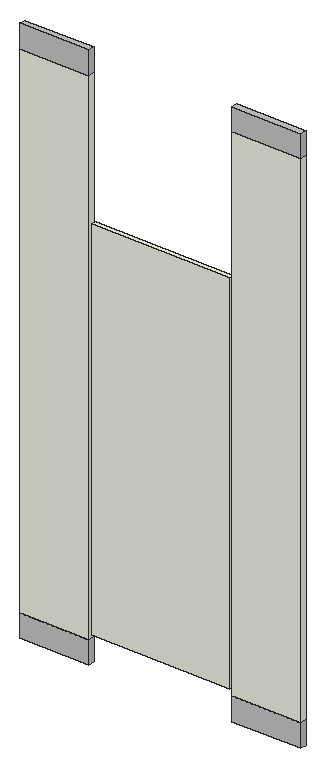
Revit family "Toilet_Partition-Bobrick-B1186-Floor_To_Ceiling_Anchored", category Specialty Equipment, host Floor, Revit 2012
Parameters (values of type "B-1186")
  URL = "http://www.bobrick.com"
  Partition Material = Laminated Plastic - Bobrick - Designer White
  Panel Value = if(DoorPanel Width < 1", 1", if(DoorPanel Width > 84", 84", DoorPanel Width))  # 24"
  Model = "B1186 DuraLineSeries Floor-to-Ceiling-Anchored"
  Manufacturer = "Bobrick Washroom Equipment, Inc."
  Inswing Value = if(DoorPanel Width < 22", 22", if(DoorPanel Width > 37", 37", DoorPanel Width))  # 24"
  DoorPanel Width = 24"
  Right Stile Width = 12"
  Right Stile Visible = yes
  Right Stile Value = if(Right Stile Width < 3", 3", if(Right Stile Width > 24", 24", Right Stile Width))  # 12"
  Panel = not(Door Panel)  # no
  Outswing Value = if(DoorPanel Width < 25", 25", if(DoorPanel Width > 37", 37", DoorPanel Width))  # 25"
  Outswing = and(not(Inswing Visibility), Door Panel)  # no
  Left Stile Width = 12"
  Left Stile Visible = yes
  Left Stile Value = if(Left Stile Width < 3", 3", if(Left Stile Width > 24", 24", Left Stile Width))  # 12"
  Inswing Visibility = and(Inswing, Door Panel)  # yes
  Inswing = yes
  Width Value = if(Inswing Visibility, Inswing Value, if(Outswing, Outswing Value, if(Panel, Panel Value, 36")))  # 24"
  Door Panel = yes
  Description = "Class A Fire-Reistant Solid Phenolic Partitions and Screens"
  Ceiling Height [instance] = 96"
  Assembly Code = "C1030200"
  ADA Compliant = yes
Reference planes (in)
  plane 1 "Center (Front/Back)": y = 0
  plane 2: z = 0
  plane 3 "Center (Left/Right)": x = 0
  plane 4: x = -24.5
  plane 5: x = 24.5
  plane 6: y = 0.5
  plane 7: y = -0.5
  plane 8: x = -12.5
  plane 9: x = 12.5
  plane 10: x = -12
  plane 11: x = 12
  plane 12: z = 4
  plane 13: z = 4.9375
  plane 14: z = 69
  plane 15: z = 36.96875
  plane 16: y = 24.5
  plane 17: x = 11
  plane 18: z = 96
  plane 19: z = 92
Forms (in)
  Extrusion 1, solid, material "Laminated Plastic - Bobrick - Designer White" <- "Partition Material", visible <- "Left Stile Visible"
    sketch origin (0, 0, 0) x (1, 0, 0) y (0, 1, 0)
      loop
        line (-24.5, 0.5) -> (-24.5, -0.5) -> (-12.5, -0.5) -> (-12.5, 0.5) -> (-24.5, 0.5)
    from 4 to 92
  Extrusion 2, solid, material "Stainless Steel - Bobrick - Satin", visible <- "Left Stile Visible"
    sketch origin (0, 0, 0) x (1, 0, 0) y (0, 1, 0)
      loop
        line (-24.5, 0.5) -> (-24.5, -0.5) -> (-12.5, -0.5) -> (-12.5, 0.5) -> (-24.5, 0.5)
    from 0 to 4
  Extrusion 3, solid, material "Laminated Plastic - Bobrick - Designer White" <- "Partition Material"
    sketch origin (0, 0, 0) x (1, 0, 0) y (0, 1, 0)
      loop
        line (-12, 0.5) -> (-12, -0.5) -> (12, -0.5) -> (12, 0.5) -> (-12, 0.5)
    from 4.9375 to 69
  Extrusion 4, solid, material "Laminated Plastic - Bobrick - Designer White" <- "Partition Material", visible <- "Right Stile Visible"
    sketch origin (0, 0, 0) x (-1, 0, 0) y (0, -1, 0)
      loop
        line (-24.5, -0.5) -> (-12.5, -0.5) -> (-12.5, 0.5) -> (-24.5, 0.5) -> (-24.5, -0.5)
    from 4 to 92
  Extrusion 5, solid, material "Stainless Steel - Bobrick - Satin", visible <- "Right Stile Visible"
    sketch origin (0, 0, 0) x (-1, 0, 0) y (0, -1, 0)
      loop
        line (-24.5, -0.5) -> (-12.5, -0.5) -> (-12.5, 0.5) -> (-24.5, 0.5) -> (-24.5, -0.5)
    from 0 to 4
  Extrusion 6, solid, material "Stainless Steel - Bobrick - Satin", visible <- "Left Stile Visible"
    sketch origin (0, 0, 104) x (1, 0, 0) y (0, 1, 0)
      loop
        line (-24.5, 0.5) -> (-24.5, -0.5) -> (-12.5, -0.5) -> (-12.5, 0.5) -> (-24.5, 0.5)
    from -12 to -8
  Extrusion 7, solid, material "Stainless Steel - Bobrick - Satin", visible <- "Right Stile Visible"
    sketch origin (0, 0, 92) x (-1, 0, 0) y (0, -1, 0)
      loop
        line (-24.5, -0.5) -> (-12.5, -0.5) -> (-12.5, 0.5) -> (-24.5, 0.5) -> (-24.5, -0.5)
    from 0 to 4
Lines and regions (in)
  Masking region 1, visible <- "Left Stile Visible"
    outline origin (0, 0, 0) x (1, 0, 0) y (0, 0, 1)
      loop
        line (-24.5, 96) -> (-24.5, 0) -> (-12.5, 0) -> (-12.5, 96) -> (-24.5, 96)
  Masking region 2
    outline origin (0, 0, 0) x (1, 0, 0) y (0, 0, 1)
      loop
        line (-12, 69) -> (-12, 4.9375) -> (12, 4.9375) -> (12, 69) -> (-12, 69)
  Masking region 3, visible <- "Right Stile Visible"
    outline origin (0, 0, 0) x (1, 0, 0) y (0, 0, 1)
      loop
        line (12.5, 96) -> (12.5, 0) -> (24.5, 0) -> (24.5, 96) -> (12.5, 96)
  Masking region 4, visible <- "Door Panel"
    outline origin (0, 0, 0) x (1, 0, 0) y (0, 1, 0)
      loop
        line (11, 24.5) -> (11, 0.5) -> (12, 0.5) -> (12, 24.5) -> (11, 24.5)
  Masking region 5, visible <- "Left Stile Visible"
    outline origin (0, 0, 0) x (1, 0, 0) y (0, 1, 0)
      loop
        line (-24.5, 0.5) -> (-24.5, -0.5) -> (-12.5, -0.5) -> (-12.5, 0.5) -> (-24.5, 0.5)
  Masking region 6, visible <- "Right Stile Visible"
    outline origin (0, 0, 0) x (1, 0, 0) y (0, 1, 0)
      loop
        line (12.5, 0.5) -> (12.5, -0.5) -> (24.5, -0.5) -> (24.5, 0.5) -> (12.5, 0.5)
  Masking region 7, visible <- "Panel"
    outline origin (0, 0, 0) x (1, 0, 0) y (0, 1, 0)
      loop
        line (-12, -0.5) -> (12, -0.5) -> (12, 0.5) -> (-12, 0.5) -> (-12, -0.5)
  Masking region 8
    outline origin (0, 0, 0) x (0, 1, 0) y (0, 0, 1)
      loop
        line (0.5, 69) -> (-0.5, 69) -> (-0.5, 0) -> (0.5, 0) -> (0.5, 69)
  symbolic lines, visible <- "Left Stile Visible"
    curve 1: line (-24.5, 0, 4) -> (-12.5, 0, 4)
    curve 7: line (-24.5, 0, 92) -> (-12.5, 0, 92)
  symbolic lines, visible <- "Right Stile Visible"
    curve 2: line (12.5, 0, 4) -> (24.5, 0, 4)
    curve 8: line (12.5, 0, 92) -> (24.5, 0, 92)
  symbolic lines, style "Partition Elevation Swing", visible <- "Door Panel"
    curve 3: line (-12, 0, 69) -> (12, 0, 36.86666)
    curve 4: line (12, 0, 36.86666) -> (-12, 0, 4.9375)
    curve 5: arc (-12, 0.5, 0) -> (-4.97056, 17.47056, 0) -> (12, 24.5, 0) r 24
  symbolic lines, style "Partition"
    curve 6: line (0, 0.5, 4) -> (0, -0.5, 4)
Dimensions and locks (in)
  equal spacing: host sketch curve, plane 1 "Center (Front/Back)", host sketch curve
  equal spacing: host sketch curve, plane 3 "Center (Left/Right)", host sketch curve
  host sketch curve to host sketch curve = 120"  (x2)
  locked: plane 8 to plane 10 at 0.5
  locked: plane 11 to plane 9 at 0.5
  "Width Value": plane 10 to plane 11
  equal spacing: plane 10, plane 3 "Center (Left/Right)", plane 11
  "Left Stile Value": plane 4 to plane 8
  "Right Stile Value": plane 9 to plane 5
  locked: plane 12 to level at 4
  locked: plane 13 to level at 4.9375
  locked: plane 14 to level at 69
  locked: plane 6 to plane 7 at 1
  equal spacing: plane 6, plane 1 "Center (Front/Back)", plane 7
  equal spacing: plane 14, plane 15, plane 13
  "Width Value": plane 16 to plane 6
  locked: plane 17 to plane 11 at 1
  "Ceiling Height": plane 18 to level
  locked: plane 18 to plane 19 at 4
  aligned and locked: level to plane 2
  aligned and locked: Extrusion 1 sketch curve to plane 6
  aligned and locked: plane 4 to Extrusion 1 sketch curve
  aligned and locked: plane 7 to Extrusion 1 sketch curve
  aligned and locked: Extrusion 1 sketch curve to plane 8
  aligned: Extrusion 1 to level
  aligned and locked: Extrusion 1 to plane 12
  aligned and locked: plane 4 to Extrusion 2 sketch curve
  aligned and locked: Extrusion 2 sketch curve to plane 6
  aligned and locked: Extrusion 2 sketch curve to plane 8
  aligned and locked: plane 7 to Extrusion 2 sketch curve
  aligned and locked: plane 12 to Extrusion 2
  aligned and locked: Extrusion 2 to level
  aligned and locked: plane 10 to Extrusion 3 sketch curve
  aligned and locked: Extrusion 3 sketch curve to plane 6
  aligned and locked: plane 7 to Extrusion 3 sketch curve
  aligned and locked: Extrusion 3 sketch curve to plane 11
  aligned and locked: plane 14 to Extrusion 3
  aligned and locked: Extrusion 3 to plane 13
  aligned and locked: Extrusion 5 sketch curve to plane 9
  aligned and locked: plane 6 to Extrusion 5 sketch curve
  aligned and locked: plane 5 to Extrusion 5 sketch curve
  aligned and locked: Extrusion 5 sketch curve to plane 7
  aligned and locked: Extrusion 4 sketch curve to plane 9
  aligned and locked: plane 6 to Extrusion 4 sketch curve
  aligned and locked: Extrusion 4 sketch curve to plane 7
  aligned and locked: plane 5 to Extrusion 4 sketch curve
  aligned and locked: Masking region 1 sketch curve to plane 4
  aligned and locked: Masking region 1 sketch curve to level
  aligned and locked: Masking region 1 sketch curve to plane 8
  aligned and locked: Masking region 2 sketch curve to plane 14
  aligned and locked: Masking region 2 sketch curve to plane 10
  aligned and locked: Masking region 2 sketch curve to plane 11
  aligned and locked: Masking region 2 sketch curve to plane 13
  aligned and locked: Masking region 3 sketch curve to plane 9
  aligned and locked: Masking region 3 sketch curve to plane 5
  aligned and locked: Masking region 3 sketch curve to level
  aligned and locked: curve 1 to plane 12
  aligned and locked: plane 4 to curve 1
  aligned and locked: plane 8 to curve 1
  aligned and locked: curve 2 to plane 12
  aligned and locked: plane 5 to curve 2
  aligned and locked: plane 9 to curve 2
  aligned and locked: plane 14 to curve 3
  aligned and locked: plane 10 to curve 3
  aligned and locked: plane 11 to curve 4
  aligned and locked: plane 10 to curve 4
  aligned and locked: plane 13 to curve 4
  aligned and locked: Masking region 4 sketch curve to plane 16
  aligned and locked: plane 17 to Masking region 4 sketch curve
  aligned and locked: plane 6 to Masking region 4 sketch curve
  aligned and locked: Masking region 4 sketch curve to plane 11
  aligned and locked: Masking region 5 sketch curve to plane 6
  aligned and locked: plane 4 to Masking region 5 sketch curve
  aligned and locked: plane 7 to Masking region 5 sketch curve
  aligned and locked: Masking region 5 sketch curve to plane 8
  aligned and locked: Masking region 6 sketch curve to plane 6
  aligned and locked: plane 9 to Masking region 6 sketch curve
  aligned and locked: plane 7 to Masking region 6 sketch curve
  aligned and locked: Masking region 6 sketch curve to plane 5
  aligned and locked: Masking region 4 to curve 5
  aligned and locked: plane 10 to curve 5
  aligned and locked: plane 6 to curve 5  (x2)
  aligned and locked: plane 11 to curve 5
  aligned and locked: Masking region 7 sketch curve to plane 7
  aligned and locked: Masking region 7 sketch curve to plane 10
  aligned and locked: plane 6 to Masking region 7 sketch curve
  aligned and locked: plane 11 to Masking region 7 sketch curve
  aligned and locked: level to Masking region 8 sketch curve
  aligned and locked: Masking region 8 sketch curve to plane 14
  aligned and locked: Masking region 8 sketch curve to plane 6
  aligned and locked: plane 7 to Masking region 8 sketch curve
  aligned and locked: plane 12 to curve 6
  aligned and locked: plane 7 to curve 6
  aligned and locked: plane 6 to curve 6
  aligned and locked: Extrusion 5 to level
  aligned and locked: plane 19 to Extrusion 1
  aligned and locked: plane 19 to Extrusion 4
  aligned and locked: Extrusion 1 to plane 19
  aligned and locked: plane 18 to Extrusion 6
  aligned and locked: Extrusion 6 to plane 19
  aligned and locked: Extrusion 6 to plane 4
  aligned and locked: plane 8 to Extrusion 6
  aligned and locked: Extrusion 6 to plane 7
  aligned and locked: plane 6 to Extrusion 6
  aligned and locked: plane 18 to Masking region 1
  aligned and locked: curve 7 to plane 19
  aligned and locked: plane 18 to Extrusion 7
  aligned and locked: plane 5 to Extrusion 7
  aligned and locked: Extrusion 7 to plane 9
  aligned and locked: Extrusion 7 to plane 19
  aligned and locked: Extrusion 7 to plane 7
  aligned and locked: plane 6 to Extrusion 7
  aligned and locked: plane 18 to Masking region 3
  aligned and locked: curve 8 to plane 19
  aligned and locked: Extrusion 4 to plane 12
  aligned and locked: plane 12 to Extrusion 5
  aligned and locked: Extrusion 7 sketch curve to plane 9
  aligned and locked: plane 6 to Extrusion 7 sketch curve
  aligned and locked: Extrusion 7 sketch curve to plane 7
  aligned and locked: plane 5 to Extrusion 7 sketch curve
  aligned and locked: plane 4 to Extrusion 6 sketch curve
  aligned and locked: Extrusion 6 sketch curve to plane 6
  aligned and locked: plane 7 to Extrusion 6 sketch curve
  aligned and locked: Extrusion 6 sketch curve to plane 8
Automatic sketch dimensions
  curve 7 to plane 4 = 0"
  curve 7 to plane 8 = 0"
  curve 8 to plane 9 = 0"
  curve 8 to plane 5 = 0"
  curve 3 to plane 15 = 0.10209"
  Masking region 1 sketch curve to plane 18 = 0"
  Masking region 3 sketch curve to plane 18 = 0"
